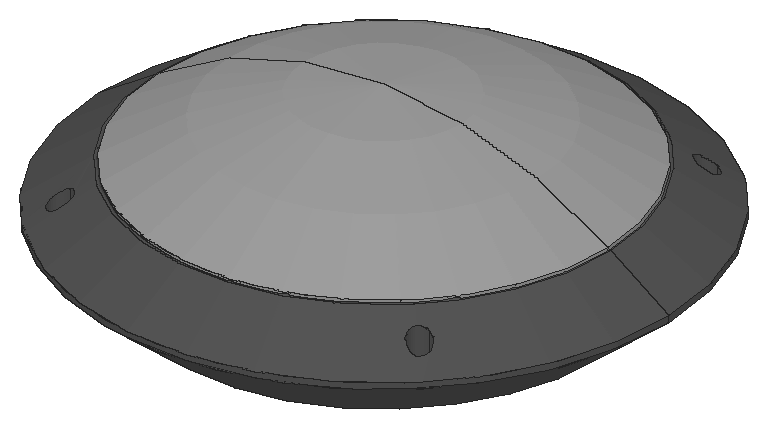
Revit family "49248", category Lighting Fixtures, host Face, Revit 2018
Family settings
  Host = Face
  Round Connector Dimension = Use Diameter
  Part Type = Normal
  OmniClass Number = 23.80.70.00
  OmniClass Title = Lighting
  Cut with Voids When Loaded = No
  Light Source = Yes
  Shared = No
  Room Calculation Point = No
Parameters (values of type "0049248 START SURFACE IP66 1500LM 840 DA BLK")
  Weight = "n/a"
  Wattage Comments = ""
  Wattage = 12 W
  WarrantyStartDate [instance] = "n/a"
  WarrantyGuarantorParts = "n/a"
  WarrantyDurationUnit = "n/a"
  WarrantyDurationParts = ""
  WarrantyDescription = "http://www.sylvania-lighting.com"
  built-in parameter 1150110 = 1 (stored number, unit not read)
  Voltage = 0 V
  URL = "1"
  TypeName = "START SURFACE IP66 1500LM 840 IK10 DALI BLK"
  Type Image = <None>
  Type Comments = "n/a"
  built-in parameter 1114217 = 1 (stored number, unit not read)
  Tilt Angle = -90.00°
  built-in parameter 1150109 = 1 (stored number, unit not read)
  built-in parameter 1150134 = (empty or 0)
  built-in parameter 1150113 = 1 (stored number, unit not read)
  SerialNumber [instance] = "n/a"
  Photometric Web File = "0049248.ies"
  Material_3_SYL = LED-Sylvania-StartSurfaceIP66
  PowerFactor = 0
  PowerConsumption = "Lighting"
  NominalLength = 350 mm
  NominalHeight = 90 mm
  NominalDepth = 300 mm
  Name = "START SURFACE IP66 1500LM 840 IK10 DALI BLK"
  ModelReference = Name  # "START SURFACE IP66 1500LM 840 IK10 DALI BLK"
  ModelNumber = "0049248"
  Model = Name  # "START SURFACE IP66 1500LM 840 IK10 DALI BLK"
  Material = "Feilo Sylvania"
  ManufacturerName = "111 lm/W"
  Manufacturer = ""
  LuminousEfficacy = ""
  built-in parameter 1150105 = 84.034 (stored number, unit not read)
  Lumens = 1056 lm
  LuminaireType = "0"
  built-in parameter 1150115 = 1 (stored number, unit not read)
  LightOutputRatio = "LED"
  built-in parameter 1150137 = (empty or 0)
  built-in parameter 1150139 = (empty or 0)
  LampsType = Lamp  # "n/a"
  LampNominalLuminous = "4000 K"
  LampMacAdamStep = "80"
  LampColourTemperature = "LED"
  LampColourRenderingIndex = "16500"
  built-in parameter 1150112 = 1 (stored number, unit not read)
  built-in parameter 1150114 = 1 (stored number, unit not read)
  Lamp = "n/a"
  Keynote = "n/a"
  InstallationDate [instance] = "n/a"
  InputVoltage = "0"
  InputNominalFrequency = "4000"
  built-in parameter 1150132 = (empty or 0)
  built-in parameter 1150102 = (empty or 0)
  built-in parameter 1150107 = 3000 (stored number, unit not read)
  built-in parameter 1150138 = (empty or 0)
  IngressProtection = "IfcLightFixtureType"
  ImpactProtectionIndex = "IfcLightFixtureType"
  built-in parameter 1150106 = 0.84034 (stored number, unit not read)
  IfcExportType = "IfcLightFixtureType"
  IfcExportAs = "Class II"
  HoleRad_SYL = 134 mm
  HoleHoleRad_SYL = 6 mm
  HoleAngle_SYL = 45.00°
  Eyelid_SYL [instance] = no
  ExpectedLife = 50000
  Emit from Circle Diameter = 200 mm
  Emit Shape Visible in Rendering = no
  ElectricShockClassification = "111"
  built-in parameter 1150104 = 8.1755 (stored number, unit not read)
  DurationUnit = "hours"
  DocumentationLiterature = "http://www.sylvania-lighting.com/product/en-int/products/0049248"
  DimmingControlOptions = "n/a"
  Material_2_SYL = Diffuser-Sylvania-StartSurfaceIP66
  Dimming Lamp Color Temperature Shift = <None>
  Description = "LED exterior surface mounted luminaire, 350mm diameter, 1500lm as max. lumen output, 15W max. power consumption, 100lm/W efficacy, 4000K color temperature, CRI80, IP66, IK10, 60,000 hours (L70), black housing, vandal resistant. DALI and DALI 2 dimming compatibility, supplied with anti-theft screws"
  Default Elevation = 1219.2 mm
  CreatedOn = "21/12/2022"
  CreatedBy = "@sylvania-lighting.com"
  Cost = 0
  Color Filter = 16777215
  built-in parameter 1114216 [instance] = (empty or 0)
  ClassificationValue = "EF_70_80"
  ClassificationName = "Uniclass2015"
  Material_1_SYL = Body-Sylvania-StartSurfaceIP66-Black
  BarCode [instance] = "n/a"
  built-in parameter 1114218 = 1 (stored number, unit not read)
  built-in parameter 1150133 = 10 (stored number, unit not read)
  AssetType = "Fixed"
  AssetIdentifier [instance] = "n/a"
  Assembly Code = "D5020200"
  Apparent Load = 14 VA
Reference planes
  plane 1 "Center (Front/Back)": y = 0
  plane 2: z = 0
  plane 3 "Center (Left/Right)": x = 0
  plane 4: x = 150
  plane 5: x = -150
  plane 6: z = 90
  plane 7: z = 30
  plane 8: z = 54
  plane 9: x = -113
  plane 10: x = 113
  plane 11: x = -118
  plane 12: z = 33
  plane 13: z = 51
  plane 14: z = 87
  plane 15: z = 92
  plane 16: x = -148
  plane 17: y = -13
Forms (mm)
  Revolve 1, solid, material "Diffuser-Sylvania-StartSurfaceIP66" <- "Material_2_SYL"
    sketch origin (0, 0, 0) x (1, 0, 0) y (0, 0, 1)
      loop
        arc (0, 90) -> (-61.685, 80.8) -> (-118, 54) r 211.389
        line (-118, 54) -> (-118, 51) -> (-117.081, 51)
        arc (-117.081, 51) -> (-61.245, 77.797) -> (0, 87) r 208.389
        line (0, 87) -> (0, 90)
      axis (0, 90) -> (0, 51)
    angle from 360 to 0
  Revolve 2, solid, material "Body-Sylvania-StartSurfaceIP66-Black" <- "Material_1_SYL"
    sketch origin (0, 0, 0) x (1, 0, 0) y (0, 0, 1)
      loop
        line (0, 0) -> (0, 33) -> (-118, 33) -> (-118, 52.116)
        arc (-118, 52.116) -> (-118.529, 53.009) -> (-119.566, 52.973) r 1.017
        line (-119.566, 52.973) -> (-150, 33) -> (-150, 30) -> (-113, 0) -> (0, 0)
      axis (0, 52.973) -> (0, 0)
    angle from 360 to 0
  Extrusion 3, void
    sketch origin (-1534.635, -4572, 33) x (0, -1, 0) y (-1, 0, 0)
      loop
        circle (-4666.752, -1439.882) r 6
      loop
        circle (-4666.752, -1629.387) r 6
      loop
        circle (-4477.248, -1439.882) r 6
      loop
        circle (-4477.248, -1629.387) r 6
    from -18 to 0
  Revolve 4, solid, material "Body-Sylvania-StartSurfaceIP66-Black" <- "Material_1_SYL", visible <- "Eyelid_SYL"
    sketch origin (0, 0, 0) x (1, 0, 0) y (0, 0, 1)
      loop
        line (0, 90) -> (0, 92)
        arc (0, 92) -> (-79.423, 77.068) -> (-148, 34.313) r 218.694
        line (-148, 34.313) -> (-118, 54)
        arc (-118, 54) -> (-61.685, 80.8) -> (0, 90) r 211.389
      axis (0, 92) -> (0, 34.313)
    angle from 360 to 0
  Extrusion 5, void
    sketch origin (-1534.635, -4572, 33) x (0, -1, 0) y (-1, 0, 0)
      loop
        line (-4367.393, -1384.635) -> (-4559, -1384.635)
        arc (-4559, -1384.635) -> (-4572, -1534.635) -> (-4559, -1684.635) r 871.885
        line (-4559, -1684.635) -> (-4367.393, -1684.635) -> (-4367.393, -1384.635)
    from -82.978 to 19.568
Cuts and joins
  Extrusion 3 cuts Revolve 2
  Extrusion 3, Extrusion 5 cuts Revolve 4
Lines and regions (mm)
  reference lines
    curve 1: line (-150, 0, 33) -> (-118, 0, 54)
    curve 2: circle (0, 0, 0) r 134 normal (0, 0, 1)
    curve 3: line (0, 0, 0) -> (-94.752, 94.752, 0)
    curve 4: line (0, 0, 0) -> (94.752, 94.752, 0)
    curve 5: line (0, 0, 0) -> (-94.752, -94.752, 0)
    curve 6: line (0, 0, 0) -> (94.752, -94.752, 0)
Dimensions and locks
  locked: plane 6 to plane 2 at 90
  plane 8 to plane 7 to plane 2 = 24 mm locked, 30 mm locked
  equal spacing: plane 4, plane 3 "Center (Left/Right)", plane 5
  locked: plane 4 to plane 5 at 300
  equal spacing: plane 10, plane 3 "Center (Left/Right)", plane 9
  locked: plane 9 to plane 5 at 37
  locked: plane 9 to plane 11 at 5
  locked: plane 12 to plane 7 at 3
  locked: plane 8 to plane 13 at 3
  locked: plane 6 to plane 14 at 3
  locked: plane 15 to plane 6 at 2
  locked: plane 16 to plane 5 at 2
  locked: plane 17 to plane 1 "Center (Front/Back)" at 13
  "HoleRad_SYL": radius of curve 2
  "HoleHoleRad_SYL": radius of Extrusion 3 sketch curve  (x4)
  "HoleAngle_SYL": angle curve 3 to plane 1 "Center (Front/Back)"
  "HoleAngle_SYL": angle plane 1 "Center (Front/Back)" to curve 4
  "HoleAngle_SYL": angle plane 1 "Center (Front/Back)" to curve 5
  "HoleAngle_SYL": angle curve 6 to plane 1 "Center (Front/Back)"
  aligned and locked: plane 2 to host face
  aligned and locked: level to host face
  aligned and locked: plane 5 to curve 1
  aligned and locked: plane 11 to curve 1
  aligned and locked: Revolve 1 sketch curve to plane 3 "Center (Left/Right)"
  aligned and locked: curve 1 to Revolve 1 sketch curve
  aligned and locked: plane 6 to Revolve 1 sketch curve
  aligned and locked: plane 3 "Center (Left/Right)" to Revolve 1 sketch curve  (x2)
  aligned and locked: plane 11 to Revolve 1 sketch curve  (x2)
  aligned and locked: plane 13 to Revolve 1 sketch curve  (x2)
  aligned and locked: plane 14 to Revolve 1 sketch curve
  aligned and locked: Revolve 2 sketch curve to plane 3 "Center (Left/Right)"  (x2)
  aligned and locked: level to Revolve 2 sketch curve
  aligned and locked: plane 5 to Revolve 2 sketch curve
  aligned and locked: Revolve 2 sketch curve to curve 1
  aligned and locked: plane 3 "Center (Left/Right)" to curve 3
  aligned and locked: plane 13 to Extrusion 3
  aligned and locked: Extrusion 3 to plane 12
  aligned and locked: Revolve 2 sketch curve to plane 12
  aligned and locked: Revolve 4 sketch curve to plane 3 "Center (Left/Right)"  (x2)
  aligned and locked: Revolve 1 to Revolve 4 sketch curve
  aligned and locked: Revolve 4 sketch curve to curve 1
  aligned and locked: plane 11 to Revolve 4 sketch curve
  aligned and locked: plane 16 to Revolve 4 sketch curve
  aligned and locked: plane 15 to Revolve 4 sketch curve
  aligned and locked: plane 4 to Extrusion 5
  aligned and locked: Extrusion 5 to plane 5
  aligned and locked: plane 3 "Center (Left/Right)" to imposter light
  aligned and locked: imposter light to plane 1 "Center (Front/Back)"
  aligned and locked: plane 8 to imposter light
Automatic sketch dimensions
  host sketch curve to host sketch curve = 600 mm  (x2)
  curve 1 to plane 8 = 0 mm
  curve 1 to plane 12 = 0 mm
  Revolve 1 sketch curve to Revolve 1 sketch curve = 0 mm
  Revolve 1 sketch curve to Revolve 1 sketch curve = 488.211 mm
  Revolve 1 sketch curve to Revolve 1 sketch curve = 2519.058 mm
  plane 1 "Center (Front/Back)" to curve 2 = 0 mm
  curve 2 to plane 3 "Center (Left/Right)" = 0 mm
  plane 1 "Center (Front/Back)" to curve 4 = 0 mm
  Extrusion 3 sketch curve to plane 10 = 18.248 mm  (x2)
  Extrusion 3 sketch curve to plane 1 "Center (Front/Back)" = 94.752 mm  (x2)
  plane 9 to Extrusion 3 sketch curve = 18.248 mm  (x2)
  plane 1 "Center (Front/Back)" to Extrusion 3 sketch curve = 94.752 mm  (x2)
  Revolve 2 sketch curve to plane 9 = 0 mm
  Revolve 2 sketch curve to plane 7 = 0 mm
  Revolve 2 sketch curve to plane 8 = 1.027 mm
  Revolve 2 sketch curve to Revolve 2 sketch curve = 0.549 mm
  Revolve 2 sketch curve to level = 609.6 mm
  plane 6 to Revolve 2 sketch curve = 2519.058 mm
  Revolve 2 sketch curve to plane 11 = 0 mm
  Revolve 4 sketch curve to plane 6 = 0 mm
  Revolve 4 sketch curve to Revolve 4 sketch curve = 482.906 mm
  Revolve 4 sketch curve to Revolve 4 sketch curve = 2517.058 mm
  Extrusion 5 sketch curve to plane 5 = 0 mm
  Extrusion 5 sketch curve to plane 4 = 0 mm
  plane 17 to Extrusion 5 sketch curve = 191.607 mm
  Extrusion 5 sketch curve to Extrusion 5 sketch curve = 667.277 mm
  plane 17 to Extrusion 5 sketch curve = 0 mm  (x2)
Connectors
  electrical at (0, 0, 0), driven by "Apparent Load", driven by "PowerFactor", driven by "Voltage"
    settings: index 1, voltage 0 V, apparent load 14 VA, apparent load phase1 0 VA, apparent load phase2 0 VA, apparent load phase3 0 VA, power factor 0, load classification "Lighting", number of poles 1, system type 30, power factor state 1, is connector primary yes, connector utility no, sub classification motor no, connector description ""
